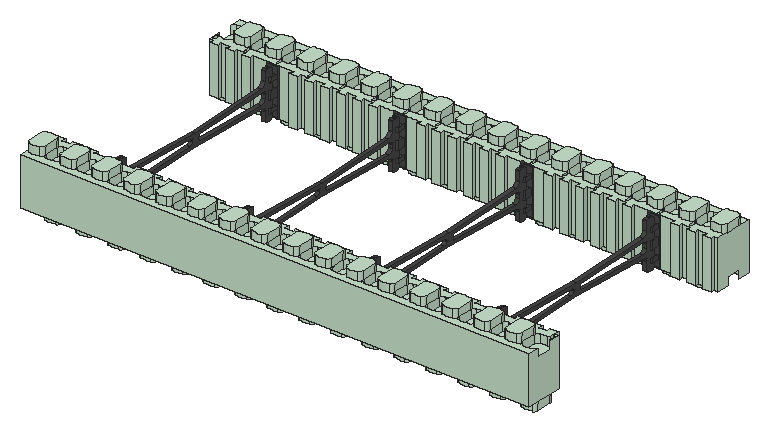
Revit family
Reference planes
  plane 1 "Center (Front/Back)": y = 0
  plane 2: z = 0
  plane 3 "Center (Left/Right)": x = 0
Forms (mm)
  Extrusion 1, solid, material "NUDURA Expanded Polystyrene Foam Insulation"
    sketch origin (0, -0.11, 0) x (1, 0, 0) y (0, 1, 0)
      loop
        line (0, 60.325) -> (0, 0) -> (812.8, 0) -> (812.8, 60.325) -> (805.658, 60.325) -> (807.242, 66.675) -> (792.958, 66.675) -> (794.542, 60.325) -> (780.258, 60.325) -> (781.842, 66.675) -> (767.558, 66.675) -> (769.142, 60.325) -> (754.858, 60.325) -> (756.442, 66.675) -> (742.158, 66.675) -> (743.742, 60.325) -> (678.658, 60.325) -> (680.242, 66.675) -> (665.958, 66.675) -> (667.542, 60.325) -> (653.258, 60.325) -> (654.842, 66.675) -> (640.558, 66.675) -> (642.142, 60.325) -> (627.858, 60.325) -> (629.442, 66.675) -> (615.158, 66.675) -> (616.742, 60.325) -> (602.458, 60.325) -> (604.042, 66.675) -> (589.758, 66.675) -> (591.342, 60.325) -> (577.058, 60.325) -> (578.642, 66.675) -> (564.358, 66.675) -> (565.942, 60.325) -> (551.658, 60.325) -> (553.242, 66.675) -> (538.958, 66.675) -> (540.542, 60.325) -> (475.458, 60.325) -> (477.042, 66.675) -> (462.758, 66.675) -> (464.342, 60.325) -> (450.058, 60.325) -> (451.642, 66.675) -> (437.358, 66.675) -> (438.942, 60.325) -> (424.658, 60.325) -> (426.242, 66.675) -> (411.958, 66.675) -> (413.542, 60.325) -> (399.258, 60.325) -> (400.842, 66.675) -> (386.558, 66.675) -> (388.142, 60.325) -> (373.858, 60.325) -> (375.442, 66.675) -> (361.158, 66.675) -> (362.742, 60.325) -> (348.458, 60.325) -> (350.042, 66.675) -> (335.758, 66.675) -> (337.342, 60.325) -> (272.258, 60.325) -> (273.842, 66.675) -> (259.558, 66.675) -> (261.142, 60.325) -> (246.858, 60.325) -> (248.442, 66.675) -> (234.158, 66.675) -> (235.742, 60.325) -> (221.458, 60.325) -> (223.042, 66.675) -> (208.758, 66.675) -> (210.342, 60.325) -> (196.058, 60.325) -> (197.642, 66.675) -> (183.358, 66.675) -> (184.942, 60.325) -> (170.658, 60.325) -> (172.242, 66.675) -> (157.958, 66.675) -> (159.542, 60.325) -> (145.258, 60.325) -> (146.842, 66.675) -> (132.558, 66.675) -> (134.142, 60.325) -> (69.058, 60.325) -> (70.642, 66.675) -> (56.358, 66.675) -> (57.942, 60.325) -> (43.658, 60.325) -> (45.242, 66.675) -> (30.958, 66.675) -> (32.542, 60.325) -> (18.258, 60.325) -> (19.842, 66.675) -> (5.558, 66.675) -> (7.142, 60.325) -> (0, 60.325)
      loop
        line (0, 377.825) -> (7.142, 377.825) -> (5.558, 371.475) -> (19.842, 371.475) -> (18.258, 377.825) -> (32.542, 377.825) -> (30.958, 371.475) -> (45.242, 371.475) -> (43.658, 377.825) -> (57.942, 377.825) -> (56.358, 371.475) -> (70.642, 371.475) -> (69.058, 377.825) -> (134.142, 377.825) -> (132.558, 371.475) -> (146.842, 371.475) -> (145.258, 377.825) -> (159.542, 377.825) -> (157.958, 371.475) -> (172.242, 371.475) -> (170.658, 377.825) -> (184.942, 377.825) -> (183.358, 371.475) -> (197.642, 371.475) -> (196.058, 377.825) -> (210.342, 377.825) -> (208.758, 371.475) -> (223.042, 371.475) -> (221.458, 377.825) -> (235.742, 377.825) -> (234.158, 371.475) -> (248.442, 371.475) -> (246.858, 377.825) -> (261.142, 377.825) -> (259.558, 371.475) -> (273.842, 371.475) -> (272.258, 377.825) -> (337.342, 377.825) -> (335.758, 371.475) -> (350.042, 371.475) -> (348.458, 377.825) -> (362.742, 377.825) -> (361.158, 371.475) -> (375.442, 371.475) -> (373.858, 377.825) -> (388.142, 377.825) -> (386.558, 371.475) -> (400.842, 371.475) -> (399.258, 377.825) -> (413.542, 377.825) -> (411.958, 371.475) -> (426.242, 371.475) -> (424.658, 377.825) -> (438.942, 377.825) -> (437.358, 371.475) -> (451.642, 371.475) -> (450.058, 377.825) -> (464.342, 377.825) -> (462.758, 371.475) -> (477.042, 371.475) -> (475.458, 377.825) -> (540.542, 377.825) -> (538.958, 371.475) -> (553.242, 371.475) -> (551.658, 377.825) -> (565.942, 377.825) -> (564.358, 371.475) -> (578.642, 371.475) -> (577.058, 377.825) -> (591.342, 377.825) -> (589.758, 371.475) -> (604.042, 371.475) -> (602.458, 377.825) -> (616.742, 377.825) -> (615.158, 371.475) -> (629.442, 371.475) -> (627.858, 377.825) -> (642.142, 377.825) -> (640.558, 371.475) -> (654.842, 371.475) -> (653.258, 377.825) -> (667.542, 377.825) -> (665.958, 371.475) -> (680.242, 371.475) -> (678.658, 377.825) -> (743.742, 377.825) -> (742.158, 371.475) -> (756.442, 371.475) -> (754.858, 377.825) -> (769.142, 377.825) -> (767.558, 371.475) -> (781.842, 371.475) -> (780.258, 377.825) -> (794.542, 377.825) -> (792.958, 371.475) -> (807.242, 371.475) -> (805.658, 377.825) -> (812.8, 377.825) -> (812.8, 438.15) -> (0, 438.15) -> (0, 377.825)
    from 0 to 76.2
  Extrusion 2, void
    sketch origin (0, -0.11, 0) x (1, 0, 0) y (0, 1, 0)
      loop
        line (44.346, 56.046) -> (44.346, 50.418)
        arc (44.346, 50.418) -> (43.786, 49.207) -> (42.5, 48.851) r 1.587
        arc (42.5, 48.851) -> (36.091, 49.138) -> (29.796, 47.903) r 26.987
        arc (29.796, 47.903) -> (26.615, 45.597) -> (25.4, 41.861) r 6.35
        line (25.4, 41.861) -> (25.4, 18.464)
        arc (25.4, 18.464) -> (26.615, 14.728) -> (29.796, 12.422) r 6.35
        arc (29.796, 12.422) -> (38.1, 11.112) -> (46.404, 12.422) r 26.987
        arc (46.404, 12.422) -> (49.585, 14.728) -> (50.8, 18.464) r 6.35
        line (50.8, 18.464) -> (50.8, 41.861)
        arc (50.8, 41.861) -> (50.362, 44.179) -> (49.108, 46.177) r 6.35
        arc (49.108, 46.177) -> (48.795, 46.676) -> (48.685, 47.255) r 1.588
        line (48.685, 47.255) -> (48.685, 56.046) -> (44.346, 56.046)
    from 76.2 to 63.5
  Extrusion 3, void
    sketch origin (50.8, -0.11, 0) x (1, 0, 0) y (0, 1, 0)
      loop
        line (44.346, 56.046) -> (44.346, 50.418)
        arc (44.346, 50.418) -> (43.786, 49.207) -> (42.5, 48.851) r 1.587
        arc (42.5, 48.851) -> (36.091, 49.138) -> (29.796, 47.903) r 26.987
        arc (29.796, 47.903) -> (26.615, 45.597) -> (25.4, 41.861) r 6.35
        line (25.4, 41.861) -> (25.4, 18.464)
        arc (25.4, 18.464) -> (26.615, 14.728) -> (29.796, 12.422) r 6.35
        arc (29.796, 12.422) -> (38.1, 11.112) -> (46.404, 12.422) r 26.987
        arc (46.404, 12.422) -> (49.585, 14.728) -> (50.8, 18.464) r 6.35
        line (50.8, 18.464) -> (50.8, 41.861)
        arc (50.8, 41.861) -> (50.362, 44.179) -> (49.108, 46.177) r 6.35
        arc (49.108, 46.177) -> (48.795, 46.676) -> (48.685, 47.255) r 1.588
        line (48.685, 47.255) -> (48.685, 56.046) -> (44.346, 56.046)
    from 76.2 to 63.5
  Extrusion 4, void
    sketch origin (101.6, -0.11, 0) x (1, 0, 0) y (0, 1, 0)
      loop
        line (44.346, 56.046) -> (44.346, 50.418)
        arc (44.346, 50.418) -> (43.786, 49.207) -> (42.5, 48.851) r 1.587
        arc (42.5, 48.851) -> (36.091, 49.138) -> (29.796, 47.903) r 26.987
        arc (29.796, 47.903) -> (26.615, 45.597) -> (25.4, 41.861) r 6.35
        line (25.4, 41.861) -> (25.4, 18.464)
        arc (25.4, 18.464) -> (26.615, 14.728) -> (29.796, 12.422) r 6.35
        arc (29.796, 12.422) -> (38.1, 11.112) -> (46.404, 12.422) r 26.987
        arc (46.404, 12.422) -> (49.585, 14.728) -> (50.8, 18.464) r 6.35
        line (50.8, 18.464) -> (50.8, 41.861)
        arc (50.8, 41.861) -> (50.362, 44.179) -> (49.108, 46.177) r 6.35
        arc (49.108, 46.177) -> (48.795, 46.676) -> (48.685, 47.255) r 1.588
        line (48.685, 47.255) -> (48.685, 56.046) -> (44.346, 56.046)
    from 76.2 to 63.5
  Extrusion 5, void
    sketch origin (152.4, -0.11, 0) x (1, 0, 0) y (0, 1, 0)
      loop
        line (44.346, 56.046) -> (44.346, 50.418)
        arc (44.346, 50.418) -> (43.786, 49.207) -> (42.5, 48.851) r 1.587
        arc (42.5, 48.851) -> (36.091, 49.138) -> (29.796, 47.903) r 26.987
        arc (29.796, 47.903) -> (26.615, 45.597) -> (25.4, 41.861) r 6.35
        line (25.4, 41.861) -> (25.4, 18.464)
        arc (25.4, 18.464) -> (26.615, 14.728) -> (29.796, 12.422) r 6.35
        arc (29.796, 12.422) -> (38.1, 11.112) -> (46.404, 12.422) r 26.987
        arc (46.404, 12.422) -> (49.585, 14.728) -> (50.8, 18.464) r 6.35
        line (50.8, 18.464) -> (50.8, 41.861)
        arc (50.8, 41.861) -> (50.362, 44.179) -> (49.108, 46.177) r 6.35
        arc (49.108, 46.177) -> (48.795, 46.676) -> (48.685, 47.255) r 1.588
        line (48.685, 47.255) -> (48.685, 56.046) -> (44.346, 56.046)
    from 76.2 to 63.5
  Extrusion 6, void
    sketch origin (203.2, -0.11, 0) x (1, 0, 0) y (0, 1, 0)
      loop
        line (44.346, 56.046) -> (44.346, 50.418)
        arc (44.346, 50.418) -> (43.786, 49.207) -> (42.5, 48.851) r 1.587
        arc (42.5, 48.851) -> (36.091, 49.138) -> (29.796, 47.903) r 26.987
        arc (29.796, 47.903) -> (26.615, 45.597) -> (25.4, 41.861) r 6.35
        line (25.4, 41.861) -> (25.4, 18.464)
        arc (25.4, 18.464) -> (26.615, 14.728) -> (29.796, 12.422) r 6.35
        arc (29.796, 12.422) -> (38.1, 11.112) -> (46.404, 12.422) r 26.987
        arc (46.404, 12.422) -> (49.585, 14.728) -> (50.8, 18.464) r 6.35
        line (50.8, 18.464) -> (50.8, 41.861)
        arc (50.8, 41.861) -> (50.362, 44.179) -> (49.108, 46.177) r 6.35
        arc (49.108, 46.177) -> (48.795, 46.676) -> (48.685, 47.255) r 1.588
        line (48.685, 47.255) -> (48.685, 56.046) -> (44.346, 56.046)
    from 76.2 to 63.5
  Extrusion 7, void
    sketch origin (254, -0.11, 0) x (1, 0, 0) y (0, 1, 0)
      loop
        line (44.346, 56.046) -> (44.346, 50.418)
        arc (44.346, 50.418) -> (43.786, 49.207) -> (42.5, 48.851) r 1.587
        arc (42.5, 48.851) -> (36.091, 49.138) -> (29.796, 47.903) r 26.987
        arc (29.796, 47.903) -> (26.615, 45.597) -> (25.4, 41.861) r 6.35
        line (25.4, 41.861) -> (25.4, 18.464)
        arc (25.4, 18.464) -> (26.615, 14.728) -> (29.796, 12.422) r 6.35
        arc (29.796, 12.422) -> (38.1, 11.112) -> (46.404, 12.422) r 26.987
        arc (46.404, 12.422) -> (49.585, 14.728) -> (50.8, 18.464) r 6.35
        line (50.8, 18.464) -> (50.8, 41.861)
        arc (50.8, 41.861) -> (50.362, 44.179) -> (49.108, 46.177) r 6.35
        arc (49.108, 46.177) -> (48.795, 46.676) -> (48.685, 47.255) r 1.588
        line (48.685, 47.255) -> (48.685, 56.046) -> (44.346, 56.046)
    from 76.2 to 63.5
  Extrusion 8, void
    sketch origin (304.8, -0.11, 0) x (1, 0, 0) y (0, 1, 0)
      loop
        line (44.346, 56.046) -> (44.346, 50.418)
        arc (44.346, 50.418) -> (43.786, 49.207) -> (42.5, 48.851) r 1.587
        arc (42.5, 48.851) -> (36.091, 49.138) -> (29.796, 47.903) r 26.987
        arc (29.796, 47.903) -> (26.615, 45.597) -> (25.4, 41.861) r 6.35
        line (25.4, 41.861) -> (25.4, 18.464)
        arc (25.4, 18.464) -> (26.615, 14.728) -> (29.796, 12.422) r 6.35
        arc (29.796, 12.422) -> (38.1, 11.112) -> (46.404, 12.422) r 26.987
        arc (46.404, 12.422) -> (49.585, 14.728) -> (50.8, 18.464) r 6.35
        line (50.8, 18.464) -> (50.8, 41.861)
        arc (50.8, 41.861) -> (50.362, 44.179) -> (49.108, 46.177) r 6.35
        arc (49.108, 46.177) -> (48.795, 46.676) -> (48.685, 47.255) r 1.588
        line (48.685, 47.255) -> (48.685, 56.046) -> (44.346, 56.046)
    from 76.2 to 63.5
  Extrusion 9, void
    sketch origin (355.6, -0.11, 0) x (1, 0, 0) y (0, 1, 0)
      loop
        line (44.346, 56.046) -> (44.346, 50.418)
        arc (44.346, 50.418) -> (43.786, 49.207) -> (42.5, 48.851) r 1.587
        arc (42.5, 48.851) -> (36.091, 49.138) -> (29.796, 47.903) r 26.987
        arc (29.796, 47.903) -> (26.615, 45.597) -> (25.4, 41.861) r 6.35
        line (25.4, 41.861) -> (25.4, 18.464)
        arc (25.4, 18.464) -> (26.615, 14.728) -> (29.796, 12.422) r 6.35
        arc (29.796, 12.422) -> (38.1, 11.112) -> (46.404, 12.422) r 26.987
        arc (46.404, 12.422) -> (49.585, 14.728) -> (50.8, 18.464) r 6.35
        line (50.8, 18.464) -> (50.8, 41.861)
        arc (50.8, 41.861) -> (50.362, 44.179) -> (49.108, 46.177) r 6.35
        arc (49.108, 46.177) -> (48.795, 46.676) -> (48.685, 47.255) r 1.588
        line (48.685, 47.255) -> (48.685, 56.046) -> (44.346, 56.046)
    from 76.2 to 63.5
  Extrusion 10, void
    sketch origin (406.4, -0.11, 0) x (1, 0, 0) y (0, 1, 0)
      loop
        line (44.346, 56.046) -> (44.346, 50.418)
        arc (44.346, 50.418) -> (43.786, 49.207) -> (42.5, 48.851) r 1.587
        arc (42.5, 48.851) -> (36.091, 49.138) -> (29.796, 47.903) r 26.987
        arc (29.796, 47.903) -> (26.615, 45.597) -> (25.4, 41.861) r 6.35
        line (25.4, 41.861) -> (25.4, 18.464)
        arc (25.4, 18.464) -> (26.615, 14.728) -> (29.796, 12.422) r 6.35
        arc (29.796, 12.422) -> (38.1, 11.112) -> (46.404, 12.422) r 26.987
        arc (46.404, 12.422) -> (49.585, 14.728) -> (50.8, 18.464) r 6.35
        line (50.8, 18.464) -> (50.8, 41.861)
        arc (50.8, 41.861) -> (50.362, 44.179) -> (49.108, 46.177) r 6.35
        arc (49.108, 46.177) -> (48.795, 46.676) -> (48.685, 47.255) r 1.588
        line (48.685, 47.255) -> (48.685, 56.046) -> (44.346, 56.046)
    from 76.2 to 63.5
  Extrusion 11, void
    sketch origin (457.2, -0.11, 0) x (1, 0, 0) y (0, 1, 0)
      loop
        line (44.346, 56.046) -> (44.346, 50.418)
        arc (44.346, 50.418) -> (43.786, 49.207) -> (42.5, 48.851) r 1.587
        arc (42.5, 48.851) -> (36.091, 49.138) -> (29.796, 47.903) r 26.987
        arc (29.796, 47.903) -> (26.615, 45.597) -> (25.4, 41.861) r 6.35
        line (25.4, 41.861) -> (25.4, 18.464)
        arc (25.4, 18.464) -> (26.615, 14.728) -> (29.796, 12.422) r 6.35
        arc (29.796, 12.422) -> (38.1, 11.112) -> (46.404, 12.422) r 26.987
        arc (46.404, 12.422) -> (49.585, 14.728) -> (50.8, 18.464) r 6.35
        line (50.8, 18.464) -> (50.8, 41.861)
        arc (50.8, 41.861) -> (50.362, 44.179) -> (49.108, 46.177) r 6.35
        arc (49.108, 46.177) -> (48.795, 46.676) -> (48.685, 47.255) r 1.588
        line (48.685, 47.255) -> (48.685, 56.046) -> (44.346, 56.046)
    from 76.2 to 63.5
  Extrusion 12, void
    sketch origin (508, -0.11, 0) x (1, 0, 0) y (0, 1, 0)
      loop
        line (44.346, 56.046) -> (44.346, 50.418)
        arc (44.346, 50.418) -> (43.786, 49.207) -> (42.5, 48.851) r 1.587
        arc (42.5, 48.851) -> (36.091, 49.138) -> (29.796, 47.903) r 26.987
        arc (29.796, 47.903) -> (26.615, 45.597) -> (25.4, 41.861) r 6.35
        line (25.4, 41.861) -> (25.4, 18.464)
        arc (25.4, 18.464) -> (26.615, 14.728) -> (29.796, 12.422) r 6.35
        arc (29.796, 12.422) -> (38.1, 11.112) -> (46.404, 12.422) r 26.987
        arc (46.404, 12.422) -> (49.585, 14.728) -> (50.8, 18.464) r 6.35
        line (50.8, 18.464) -> (50.8, 41.861)
        arc (50.8, 41.861) -> (50.362, 44.179) -> (49.108, 46.177) r 6.35
        arc (49.108, 46.177) -> (48.795, 46.676) -> (48.685, 47.255) r 1.588
        line (48.685, 47.255) -> (48.685, 56.046) -> (44.346, 56.046)
    from 76.2 to 63.5
  Extrusion 13, void
    sketch origin (558.8, -0.11, 0) x (1, 0, 0) y (0, 1, 0)
      loop
        line (44.346, 56.046) -> (44.346, 50.418)
        arc (44.346, 50.418) -> (43.786, 49.207) -> (42.5, 48.851) r 1.587
        arc (42.5, 48.851) -> (36.091, 49.138) -> (29.796, 47.903) r 26.987
        arc (29.796, 47.903) -> (26.615, 45.597) -> (25.4, 41.861) r 6.35
        line (25.4, 41.861) -> (25.4, 18.464)
        arc (25.4, 18.464) -> (26.615, 14.728) -> (29.796, 12.422) r 6.35
        arc (29.796, 12.422) -> (38.1, 11.112) -> (46.404, 12.422) r 26.987
        arc (46.404, 12.422) -> (49.585, 14.728) -> (50.8, 18.464) r 6.35
        line (50.8, 18.464) -> (50.8, 41.861)
        arc (50.8, 41.861) -> (50.362, 44.179) -> (49.108, 46.177) r 6.35
        arc (49.108, 46.177) -> (48.795, 46.676) -> (48.685, 47.255) r 1.588
        line (48.685, 47.255) -> (48.685, 56.046) -> (44.346, 56.046)
    from 76.2 to 63.5
  Extrusion 14, void
    sketch origin (609.6, -0.11, 0) x (1, 0, 0) y (0, 1, 0)
      loop
        line (44.346, 56.046) -> (44.346, 50.418)
        arc (44.346, 50.418) -> (43.786, 49.207) -> (42.5, 48.851) r 1.587
        arc (42.5, 48.851) -> (36.091, 49.138) -> (29.796, 47.903) r 26.987
        arc (29.796, 47.903) -> (26.615, 45.597) -> (25.4, 41.861) r 6.35
        line (25.4, 41.861) -> (25.4, 18.464)
        arc (25.4, 18.464) -> (26.615, 14.728) -> (29.796, 12.422) r 6.35
        arc (29.796, 12.422) -> (38.1, 11.112) -> (46.404, 12.422) r 26.987
        arc (46.404, 12.422) -> (49.585, 14.728) -> (50.8, 18.464) r 6.35
        line (50.8, 18.464) -> (50.8, 41.861)
        arc (50.8, 41.861) -> (50.362, 44.179) -> (49.108, 46.177) r 6.35
        arc (49.108, 46.177) -> (48.795, 46.676) -> (48.685, 47.255) r 1.588
        line (48.685, 47.255) -> (48.685, 56.046) -> (44.346, 56.046)
    from 76.2 to 63.5
  Extrusion 15, void
    sketch origin (660.4, -0.11, 0) x (1, 0, 0) y (0, 1, 0)
      loop
        line (44.346, 56.046) -> (44.346, 50.418)
        arc (44.346, 50.418) -> (43.786, 49.207) -> (42.5, 48.851) r 1.587
        arc (42.5, 48.851) -> (36.091, 49.138) -> (29.796, 47.903) r 26.987
        arc (29.796, 47.903) -> (26.615, 45.597) -> (25.4, 41.861) r 6.35
        line (25.4, 41.861) -> (25.4, 18.464)
        arc (25.4, 18.464) -> (26.615, 14.728) -> (29.796, 12.422) r 6.35
        arc (29.796, 12.422) -> (38.1, 11.112) -> (46.404, 12.422) r 26.987
        arc (46.404, 12.422) -> (49.585, 14.728) -> (50.8, 18.464) r 6.35
        line (50.8, 18.464) -> (50.8, 41.861)
        arc (50.8, 41.861) -> (50.362, 44.179) -> (49.108, 46.177) r 6.35
        arc (49.108, 46.177) -> (48.795, 46.676) -> (48.685, 47.255) r 1.588
        line (48.685, 47.255) -> (48.685, 56.046) -> (44.346, 56.046)
    from 76.2 to 63.5
  Extrusion 16, void
    sketch origin (711.2, -0.11, 0) x (1, 0, 0) y (0, 1, 0)
      loop
        line (44.346, 56.046) -> (44.346, 50.418)
        arc (44.346, 50.418) -> (43.786, 49.207) -> (42.5, 48.851) r 1.587
        arc (42.5, 48.851) -> (36.091, 49.138) -> (29.796, 47.903) r 26.987
        arc (29.796, 47.903) -> (26.615, 45.597) -> (25.4, 41.861) r 6.35
        line (25.4, 41.861) -> (25.4, 18.464)
        arc (25.4, 18.464) -> (26.615, 14.728) -> (29.796, 12.422) r 6.35
        arc (29.796, 12.422) -> (38.1, 11.112) -> (46.404, 12.422) r 26.987
        arc (46.404, 12.422) -> (49.585, 14.728) -> (50.8, 18.464) r 6.35
        line (50.8, 18.464) -> (50.8, 41.861)
        arc (50.8, 41.861) -> (50.362, 44.179) -> (49.108, 46.177) r 6.35
        arc (49.108, 46.177) -> (48.795, 46.676) -> (48.685, 47.255) r 1.588
        line (48.685, 47.255) -> (48.685, 56.046) -> (44.346, 56.046)
    from 76.2 to 63.5
  Extrusion 17, void
    sketch origin (762, -0.11, 0) x (1, 0, 0) y (0, 1, 0)
      loop
        line (44.346, 56.046) -> (44.346, 50.418)
        arc (44.346, 50.418) -> (43.786, 49.207) -> (42.5, 48.851) r 1.587
        arc (42.5, 48.851) -> (36.091, 49.138) -> (29.796, 47.903) r 26.987
        arc (29.796, 47.903) -> (26.615, 45.597) -> (25.4, 41.861) r 6.35
        line (25.4, 41.861) -> (25.4, 18.464)
        arc (25.4, 18.464) -> (26.615, 14.728) -> (29.796, 12.422) r 6.35
        arc (29.796, 12.422) -> (38.1, 11.112) -> (46.404, 12.422) r 26.987
        arc (46.404, 12.422) -> (49.585, 14.728) -> (50.8, 18.464) r 6.35
        line (50.8, 18.464) -> (50.8, 41.861)
        arc (50.8, 41.861) -> (50.362, 44.179) -> (49.108, 46.177) r 6.35
        arc (49.108, 46.177) -> (48.795, 46.676) -> (48.685, 47.255) r 1.588
        line (48.685, 47.255) -> (48.685, 56.046) -> (44.346, 56.046)
    from 76.2 to 63.5
  Extrusion 18, void
    sketch origin (0, -0.11, 0) x (1, 0, 0) y (0, 1, 0)
      loop
        line (6.454, 56.046) -> (2.115, 56.046) -> (2.115, 47.255)
        arc (2.115, 47.255) -> (2.005, 46.676) -> (1.692, 46.177) r 1.588
        arc (1.692, 46.177) -> (0.438, 44.179) -> (0, 41.861) r 6.35
        line (0, 41.861) -> (0, 18.464)
        arc (0, 18.464) -> (1.215, 14.728) -> (4.396, 12.422) r 6.35
        arc (4.396, 12.422) -> (12.7, 11.112) -> (21.004, 12.422) r 26.987
        arc (21.004, 12.422) -> (24.185, 14.728) -> (25.4, 18.464) r 6.35
        line (25.4, 18.464) -> (25.4, 41.861)
        arc (25.4, 41.861) -> (24.185, 45.597) -> (21.004, 47.903) r 6.35
        arc (21.004, 47.903) -> (14.709, 49.138) -> (8.3, 48.851) r 26.987
        arc (8.3, 48.851) -> (7.014, 49.207) -> (6.454, 50.418) r 1.587
        line (6.454, 50.418) -> (6.454, 56.046)
    from 0 to 12.7
  Extrusion 19, void
    sketch origin (50.8, -0.11, 0) x (1, 0, 0) y (0, 1, 0)
      loop
        line (6.454, 56.046) -> (2.115, 56.046) -> (2.115, 47.255)
        arc (2.115, 47.255) -> (2.005, 46.676) -> (1.692, 46.177) r 1.588
        arc (1.692, 46.177) -> (0.438, 44.179) -> (0, 41.861) r 6.35
        line (0, 41.861) -> (0, 18.464)
        arc (0, 18.464) -> (1.215, 14.728) -> (4.396, 12.422) r 6.35
        arc (4.396, 12.422) -> (12.7, 11.112) -> (21.004, 12.422) r 26.987
        arc (21.004, 12.422) -> (24.185, 14.728) -> (25.4, 18.464) r 6.35
        line (25.4, 18.464) -> (25.4, 41.861)
        arc (25.4, 41.861) -> (24.185, 45.597) -> (21.004, 47.903) r 6.35
        arc (21.004, 47.903) -> (14.709, 49.138) -> (8.3, 48.851) r 26.987
        arc (8.3, 48.851) -> (7.014, 49.207) -> (6.454, 50.418) r 1.587
        line (6.454, 50.418) -> (6.454, 56.046)
    from 0 to 12.7
  Extrusion 20, void
    sketch origin (101.6, -0.11, 0) x (1, 0, 0) y (0, 1, 0)
      loop
        line (6.454, 56.046) -> (2.115, 56.046) -> (2.115, 47.255)
        arc (2.115, 47.255) -> (2.005, 46.676) -> (1.692, 46.177) r 1.588
        arc (1.692, 46.177) -> (0.438, 44.179) -> (0, 41.861) r 6.35
        line (0, 41.861) -> (0, 18.464)
        arc (0, 18.464) -> (1.215, 14.728) -> (4.396, 12.422) r 6.35
        arc (4.396, 12.422) -> (12.7, 11.112) -> (21.004, 12.422) r 26.987
        arc (21.004, 12.422) -> (24.185, 14.728) -> (25.4, 18.464) r 6.35
        line (25.4, 18.464) -> (25.4, 41.861)
        arc (25.4, 41.861) -> (24.185, 45.597) -> (21.004, 47.903) r 6.35
        arc (21.004, 47.903) -> (14.709, 49.138) -> (8.3, 48.851) r 26.987
        arc (8.3, 48.851) -> (7.014, 49.207) -> (6.454, 50.418) r 1.587
        line (6.454, 50.418) -> (6.454, 56.046)
    from 0 to 12.7
  Extrusion 21, void
    sketch origin (152.4, -0.11, 0) x (1, 0, 0) y (0, 1, 0)
      loop
        line (6.454, 56.046) -> (2.115, 56.046) -> (2.115, 47.255)
        arc (2.115, 47.255) -> (2.005, 46.676) -> (1.692, 46.177) r 1.588
        arc (1.692, 46.177) -> (0.438, 44.179) -> (0, 41.861) r 6.35
        line (0, 41.861) -> (0, 18.464)
        arc (0, 18.464) -> (1.215, 14.728) -> (4.396, 12.422) r 6.35
        arc (4.396, 12.422) -> (12.7, 11.112) -> (21.004, 12.422) r 26.987
        arc (21.004, 12.422) -> (24.185, 14.728) -> (25.4, 18.464) r 6.35
        line (25.4, 18.464) -> (25.4, 41.861)
        arc (25.4, 41.861) -> (24.185, 45.597) -> (21.004, 47.903) r 6.35
        arc (21.004, 47.903) -> (14.709, 49.138) -> (8.3, 48.851) r 26.987
        arc (8.3, 48.851) -> (7.014, 49.207) -> (6.454, 50.418) r 1.587
        line (6.454, 50.418) -> (6.454, 56.046)
    from 0 to 12.7
  Extrusion 22, void
    sketch origin (203.2, -0.11, 0) x (1, 0, 0) y (0, 1, 0)
      loop
        line (6.454, 56.046) -> (2.115, 56.046) -> (2.115, 47.255)
        arc (2.115, 47.255) -> (2.005, 46.676) -> (1.692, 46.177) r 1.588
        arc (1.692, 46.177) -> (0.438, 44.179) -> (0, 41.861) r 6.35
        line (0, 41.861) -> (0, 18.464)
        arc (0, 18.464) -> (1.215, 14.728) -> (4.396, 12.422) r 6.35
        arc (4.396, 12.422) -> (12.7, 11.112) -> (21.004, 12.422) r 26.987
        arc (21.004, 12.422) -> (24.185, 14.728) -> (25.4, 18.464) r 6.35
        line (25.4, 18.464) -> (25.4, 41.861)
        arc (25.4, 41.861) -> (24.185, 45.597) -> (21.004, 47.903) r 6.35
        arc (21.004, 47.903) -> (14.709, 49.138) -> (8.3, 48.851) r 26.987
        arc (8.3, 48.851) -> (7.014, 49.207) -> (6.454, 50.418) r 1.587
        line (6.454, 50.418) -> (6.454, 56.046)
    from 0 to 12.7
  Extrusion 23, void
    sketch origin (254, -0.11, 0) x (1, 0, 0) y (0, 1, 0)
      loop
        line (6.454, 56.046) -> (2.115, 56.046) -> (2.115, 47.255)
        arc (2.115, 47.255) -> (2.005, 46.676) -> (1.692, 46.177) r 1.588
        arc (1.692, 46.177) -> (0.438, 44.179) -> (0, 41.861) r 6.35
        line (0, 41.861) -> (0, 18.464)
        arc (0, 18.464) -> (1.215, 14.728) -> (4.396, 12.422) r 6.35
        arc (4.396, 12.422) -> (12.7, 11.112) -> (21.004, 12.422) r 26.987
        arc (21.004, 12.422) -> (24.185, 14.728) -> (25.4, 18.464) r 6.35
        line (25.4, 18.464) -> (25.4, 41.861)
        arc (25.4, 41.861) -> (24.185, 45.597) -> (21.004, 47.903) r 6.35
        arc (21.004, 47.903) -> (14.709, 49.138) -> (8.3, 48.851) r 26.987
        arc (8.3, 48.851) -> (7.014, 49.207) -> (6.454, 50.418) r 1.587
        line (6.454, 50.418) -> (6.454, 56.046)
    from 0 to 12.7
  Extrusion 24, void
    sketch origin (304.8, -0.11, 0) x (1, 0, 0) y (0, 1, 0)
      loop
        line (6.454, 56.046) -> (2.115, 56.046) -> (2.115, 47.255)
        arc (2.115, 47.255) -> (2.005, 46.676) -> (1.692, 46.177) r 1.588
        arc (1.692, 46.177) -> (0.438, 44.179) -> (0, 41.861) r 6.35
        line (0, 41.861) -> (0, 18.464)
        arc (0, 18.464) -> (1.215, 14.728) -> (4.396, 12.422) r 6.35
        arc (4.396, 12.422) -> (12.7, 11.112) -> (21.004, 12.422) r 26.987
        arc (21.004, 12.422) -> (24.185, 14.728) -> (25.4, 18.464) r 6.35
        line (25.4, 18.464) -> (25.4, 41.861)
        arc (25.4, 41.861) -> (24.185, 45.597) -> (21.004, 47.903) r 6.35
        arc (21.004, 47.903) -> (14.709, 49.138) -> (8.3, 48.851) r 26.987
        arc (8.3, 48.851) -> (7.014, 49.207) -> (6.454, 50.418) r 1.587
        line (6.454, 50.418) -> (6.454, 56.046)
    from 0 to 12.7
  Extrusion 25, void
    sketch origin (355.6, -0.11, 0) x (1, 0, 0) y (0, 1, 0)
      loop
        line (6.454, 56.046) -> (2.115, 56.046) -> (2.115, 47.255)
        arc (2.115, 47.255) -> (2.005, 46.676) -> (1.692, 46.177) r 1.588
        arc (1.692, 46.177) -> (0.438, 44.179) -> (0, 41.861) r 6.35
        line (0, 41.861) -> (0, 18.464)
        arc (0, 18.464) -> (1.215, 14.728) -> (4.396, 12.422) r 6.35
        arc (4.396, 12.422) -> (12.7, 11.112) -> (21.004, 12.422) r 26.987
        arc (21.004, 12.422) -> (24.185, 14.728) -> (25.4, 18.464) r 6.35
        line (25.4, 18.464) -> (25.4, 41.861)
        arc (25.4, 41.861) -> (24.185, 45.597) -> (21.004, 47.903) r 6.35
        arc (21.004, 47.903) -> (14.709, 49.138) -> (8.3, 48.851) r 26.987
        arc (8.3, 48.851) -> (7.014, 49.207) -> (6.454, 50.418) r 1.587
        line (6.454, 50.418) -> (6.454, 56.046)
    from 0 to 12.7
  Extrusion 26, void
    sketch origin (406.4, -0.11, 0) x (1, 0, 0) y (0, 1, 0)
      loop
        line (6.454, 56.046) -> (2.115, 56.046) -> (2.115, 47.255)
        arc (2.115, 47.255) -> (2.005, 46.676) -> (1.692, 46.177) r 1.588
        arc (1.692, 46.177) -> (0.438, 44.179) -> (0, 41.861) r 6.35
        line (0, 41.861) -> (0, 18.464)
        arc (0, 18.464) -> (1.215, 14.728) -> (4.396, 12.422) r 6.35
        arc (4.396, 12.422) -> (12.7, 11.112) -> (21.004, 12.422) r 26.987
        arc (21.004, 12.422) -> (24.185, 14.728) -> (25.4, 18.464) r 6.35
        line (25.4, 18.464) -> (25.4, 41.861)
        arc (25.4, 41.861) -> (24.185, 45.597) -> (21.004, 47.903) r 6.35
        arc (21.004, 47.903) -> (14.709, 49.138) -> (8.3, 48.851) r 26.987
        arc (8.3, 48.851) -> (7.014, 49.207) -> (6.454, 50.418) r 1.587
        line (6.454, 50.418) -> (6.454, 56.046)
    from 0 to 12.7
  Extrusion 27, void
    sketch origin (457.2, -0.11, 0) x (1, 0, 0) y (0, 1, 0)
      loop
        line (6.454, 56.046) -> (2.115, 56.046) -> (2.115, 47.255)
        arc (2.115, 47.255) -> (2.005, 46.676) -> (1.692, 46.177) r 1.588
        arc (1.692, 46.177) -> (0.438, 44.179) -> (0, 41.861) r 6.35
        line (0, 41.861) -> (0, 18.464)
        arc (0, 18.464) -> (1.215, 14.728) -> (4.396, 12.422) r 6.35
        arc (4.396, 12.422) -> (12.7, 11.112) -> (21.004, 12.422) r 26.987
        arc (21.004, 12.422) -> (24.185, 14.728) -> (25.4, 18.464) r 6.35
        line (25.4, 18.464) -> (25.4, 41.861)
        arc (25.4, 41.861) -> (24.185, 45.597) -> (21.004, 47.903) r 6.35
        arc (21.004, 47.903) -> (14.709, 49.138) -> (8.3, 48.851) r 26.987
        arc (8.3, 48.851) -> (7.014, 49.207) -> (6.454, 50.418) r 1.587
        line (6.454, 50.418) -> (6.454, 56.046)
    from 0 to 12.7
  Extrusion 28, void
    sketch origin (508, -0.11, 0) x (1, 0, 0) y (0, 1, 0)
      loop
        line (6.454, 56.046) -> (2.115, 56.046) -> (2.115, 47.255)
        arc (2.115, 47.255) -> (2.005, 46.676) -> (1.692, 46.177) r 1.588
        arc (1.692, 46.177) -> (0.438, 44.179) -> (0, 41.861) r 6.35
        line (0, 41.861) -> (0, 18.464)
        arc (0, 18.464) -> (1.215, 14.728) -> (4.396, 12.422) r 6.35
        arc (4.396, 12.422) -> (12.7, 11.112) -> (21.004, 12.422) r 26.987
        arc (21.004, 12.422) -> (24.185, 14.728) -> (25.4, 18.464) r 6.35
        line (25.4, 18.464) -> (25.4, 41.861)
        arc (25.4, 41.861) -> (24.185, 45.597) -> (21.004, 47.903) r 6.35
        arc (21.004, 47.903) -> (14.709, 49.138) -> (8.3, 48.851) r 26.987
        arc (8.3, 48.851) -> (7.014, 49.207) -> (6.454, 50.418) r 1.587
        line (6.454, 50.418) -> (6.454, 56.046)
    from 0 to 12.7
  Extrusion 29, void
    sketch origin (558.8, -0.11, 0) x (1, 0, 0) y (0, 1, 0)
      loop
        line (6.454, 56.046) -> (2.115, 56.046) -> (2.115, 47.255)
        arc (2.115, 47.255) -> (2.005, 46.676) -> (1.692, 46.177) r 1.588
        arc (1.692, 46.177) -> (0.438, 44.179) -> (0, 41.861) r 6.35
        line (0, 41.861) -> (0, 18.464)
        arc (0, 18.464) -> (1.215, 14.728) -> (4.396, 12.422) r 6.35
        arc (4.396, 12.422) -> (12.7, 11.112) -> (21.004, 12.422) r 26.987
        arc (21.004, 12.422) -> (24.185, 14.728) -> (25.4, 18.464) r 6.35
        line (25.4, 18.464) -> (25.4, 41.861)
        arc (25.4, 41.861) -> (24.185, 45.597) -> (21.004, 47.903) r 6.35
        arc (21.004, 47.903) -> (14.709, 49.138) -> (8.3, 48.851) r 26.987
        arc (8.3, 48.851) -> (7.014, 49.207) -> (6.454, 50.418) r 1.587
        line (6.454, 50.418) -> (6.454, 56.046)
    from 0 to 12.7
  Extrusion 30, void
    sketch origin (609.6, -0.11, 0) x (1, 0, 0) y (0, 1, 0)
      loop
        line (6.454, 56.046) -> (2.115, 56.046) -> (2.115, 47.255)
        arc (2.115, 47.255) -> (2.005, 46.676) -> (1.692, 46.177) r 1.588
        arc (1.692, 46.177) -> (0.438, 44.179) -> (0, 41.861) r 6.35
        line (0, 41.861) -> (0, 18.464)
        arc (0, 18.464) -> (1.215, 14.728) -> (4.396, 12.422) r 6.35
        arc (4.396, 12.422) -> (12.7, 11.112) -> (21.004, 12.422) r 26.987
        arc (21.004, 12.422) -> (24.185, 14.728) -> (25.4, 18.464) r 6.35
        line (25.4, 18.464) -> (25.4, 41.861)
        arc (25.4, 41.861) -> (24.185, 45.597) -> (21.004, 47.903) r 6.35
        arc (21.004, 47.903) -> (14.709, 49.138) -> (8.3, 48.851) r 26.987
        arc (8.3, 48.851) -> (7.014, 49.207) -> (6.454, 50.418) r 1.587
        line (6.454, 50.418) -> (6.454, 56.046)
    from 0 to 12.7
  Extrusion 31, void
    sketch origin (660.4, -0.11, 0) x (1, 0, 0) y (0, 1, 0)
      loop
        line (6.454, 56.046) -> (2.115, 56.046) -> (2.115, 47.255)
        arc (2.115, 47.255) -> (2.005, 46.676) -> (1.692, 46.177) r 1.588
        arc (1.692, 46.177) -> (0.438, 44.179) -> (0, 41.861) r 6.35
        line (0, 41.861) -> (0, 18.464)
        arc (0, 18.464) -> (1.215, 14.728) -> (4.396, 12.422) r 6.35
        arc (4.396, 12.422) -> (12.7, 11.112) -> (21.004, 12.422) r 26.987
        arc (21.004, 12.422) -> (24.185, 14.728) -> (25.4, 18.464) r 6.35
        line (25.4, 18.464) -> (25.4, 41.861)
        arc (25.4, 41.861) -> (24.185, 45.597) -> (21.004, 47.903) r 6.35
        arc (21.004, 47.903) -> (14.709, 49.138) -> (8.3, 48.851) r 26.987
        arc (8.3, 48.851) -> (7.014, 49.207) -> (6.454, 50.418) r 1.587
        line (6.454, 50.418) -> (6.454, 56.046)
    from 0 to 12.7
  Extrusion 32, void
    sketch origin (711.2, -0.11, 0) x (1, 0, 0) y (0, 1, 0)
      loop
        line (6.454, 56.046) -> (2.115, 56.046) -> (2.115, 47.255)
        arc (2.115, 47.255) -> (2.005, 46.676) -> (1.692, 46.177) r 1.588
        arc (1.692, 46.177) -> (0.438, 44.179) -> (0, 41.861) r 6.35
        line (0, 41.861) -> (0, 18.464)
        arc (0, 18.464) -> (1.215, 14.728) -> (4.396, 12.422) r 6.35
        arc (4.396, 12.422) -> (12.7, 11.112) -> (21.004, 12.422) r 26.987
        arc (21.004, 12.422) -> (24.185, 14.728) -> (25.4, 18.464) r 6.35
        line (25.4, 18.464) -> (25.4, 41.861)
        arc (25.4, 41.861) -> (24.185, 45.597) -> (21.004, 47.903) r 6.35
        arc (21.004, 47.903) -> (14.709, 49.138) -> (8.3, 48.851) r 26.987
        arc (8.3, 48.851) -> (7.014, 49.207) -> (6.454, 50.418) r 1.587
        line (6.454, 50.418) -> (6.454, 56.046)
    from 0 to 12.7
  Extrusion 33, void
    sketch origin (762, -0.11, 0) x (1, 0, 0) y (0, 1, 0)
      loop
        line (6.454, 56.046) -> (2.115, 56.046) -> (2.115, 47.255)
        arc (2.115, 47.255) -> (2.005, 46.676) -> (1.692, 46.177) r 1.588
        arc (1.692, 46.177) -> (0.438, 44.179) -> (0, 41.861) r 6.35
        line (0, 41.861) -> (0, 18.464)
        arc (0, 18.464) -> (1.215, 14.728) -> (4.396, 12.422) r 6.35
        arc (4.396, 12.422) -> (12.7, 11.112) -> (21.004, 12.422) r 26.987
        arc (21.004, 12.422) -> (24.185, 14.728) -> (25.4, 18.464) r 6.35
        line (25.4, 18.464) -> (25.4, 41.861)
        arc (25.4, 41.861) -> (24.185, 45.597) -> (21.004, 47.903) r 6.35
        arc (21.004, 47.903) -> (14.709, 49.138) -> (8.3, 48.851) r 26.987
        arc (8.3, 48.851) -> (7.014, 49.207) -> (6.454, 50.418) r 1.587
        line (6.454, 50.418) -> (6.454, 56.046)
    from 0 to 12.7
  Extrusion 34, void
    sketch origin (812.8, 438.04, 0) x (-1, 0, 0) y (0, -1, 0)
      loop
        line (44.346, 56.046) -> (44.346, 50.418)
        arc (44.346, 50.418) -> (43.786, 49.207) -> (42.5, 48.851) r 1.587
        arc (42.5, 48.851) -> (36.091, 49.138) -> (29.796, 47.903) r 26.987
        arc (29.796, 47.903) -> (26.615, 45.597) -> (25.4, 41.861) r 6.35
        line (25.4, 41.861) -> (25.4, 18.464)
        arc (25.4, 18.464) -> (26.615, 14.728) -> (29.796, 12.422) r 6.35
        arc (29.796, 12.422) -> (38.1, 11.112) -> (46.404, 12.422) r 26.987
        arc (46.404, 12.422) -> (49.585, 14.728) -> (50.8, 18.464) r 6.35
        line (50.8, 18.464) -> (50.8, 41.861)
        arc (50.8, 41.861) -> (50.362, 44.179) -> (49.108, 46.177) r 6.35
        arc (49.108, 46.177) -> (48.795, 46.676) -> (48.685, 47.255) r 1.588
        line (48.685, 47.255) -> (48.685, 56.046) -> (44.346, 56.046)
    from 76.2 to 63.5
  Extrusion 35, void
    sketch origin (762, 438.04, 0) x (-1, 0, 0) y (0, -1, 0)
      loop
        line (44.346, 56.046) -> (44.346, 50.418)
        arc (44.346, 50.418) -> (43.786, 49.207) -> (42.5, 48.851) r 1.587
        arc (42.5, 48.851) -> (36.091, 49.138) -> (29.796, 47.903) r 26.987
        arc (29.796, 47.903) -> (26.615, 45.597) -> (25.4, 41.861) r 6.35
        line (25.4, 41.861) -> (25.4, 18.464)
        arc (25.4, 18.464) -> (26.615, 14.728) -> (29.796, 12.422) r 6.35
        arc (29.796, 12.422) -> (38.1, 11.112) -> (46.404, 12.422) r 26.987
        arc (46.404, 12.422) -> (49.585, 14.728) -> (50.8, 18.464) r 6.35
        line (50.8, 18.464) -> (50.8, 41.861)
        arc (50.8, 41.861) -> (50.362, 44.179) -> (49.108, 46.177) r 6.35
        arc (49.108, 46.177) -> (48.795, 46.676) -> (48.685, 47.255) r 1.588
        line (48.685, 47.255) -> (48.685, 56.046) -> (44.346, 56.046)
    from 76.2 to 63.5
  Extrusion 36, void
    sketch origin (711.2, 438.04, 0) x (-1, 0, 0) y (0, -1, 0)
      loop
        line (44.346, 56.046) -> (44.346, 50.418)
        arc (44.346, 50.418) -> (43.786, 49.207) -> (42.5, 48.851) r 1.587
        arc (42.5, 48.851) -> (36.091, 49.138) -> (29.796, 47.903) r 26.987
        arc (29.796, 47.903) -> (26.615, 45.597) -> (25.4, 41.861) r 6.35
        line (25.4, 41.861) -> (25.4, 18.464)
        arc (25.4, 18.464) -> (26.615, 14.728) -> (29.796, 12.422) r 6.35
        arc (29.796, 12.422) -> (38.1, 11.112) -> (46.404, 12.422) r 26.987
        arc (46.404, 12.422) -> (49.585, 14.728) -> (50.8, 18.464) r 6.35
        line (50.8, 18.464) -> (50.8, 41.861)
        arc (50.8, 41.861) -> (50.362, 44.179) -> (49.108, 46.177) r 6.35
        arc (49.108, 46.177) -> (48.795, 46.676) -> (48.685, 47.255) r 1.588
        line (48.685, 47.255) -> (48.685, 56.046) -> (44.346, 56.046)
    from 76.2 to 63.5
  Extrusion 37, void
    sketch origin (660.4, 438.04, 0) x (-1, 0, 0) y (0, -1, 0)
      loop
        line (44.346, 56.046) -> (44.346, 50.418)
        arc (44.346, 50.418) -> (43.786, 49.207) -> (42.5, 48.851) r 1.587
        arc (42.5, 48.851) -> (36.091, 49.138) -> (29.796, 47.903) r 26.987
        arc (29.796, 47.903) -> (26.615, 45.597) -> (25.4, 41.861) r 6.35
        line (25.4, 41.861) -> (25.4, 18.464)
        arc (25.4, 18.464) -> (26.615, 14.728) -> (29.796, 12.422) r 6.35
        arc (29.796, 12.422) -> (38.1, 11.112) -> (46.404, 12.422) r 26.987
        arc (46.404, 12.422) -> (49.585, 14.728) -> (50.8, 18.464) r 6.35
        line (50.8, 18.464) -> (50.8, 41.861)
        arc (50.8, 41.861) -> (50.362, 44.179) -> (49.108, 46.177) r 6.35
        arc (49.108, 46.177) -> (48.795, 46.676) -> (48.685, 47.255) r 1.588
        line (48.685, 47.255) -> (48.685, 56.046) -> (44.346, 56.046)
    from 76.2 to 63.5
  Extrusion 38, void
    sketch origin (609.6, 438.04, 0) x (-1, 0, 0) y (0, -1, 0)
      loop
        line (44.346, 56.046) -> (44.346, 50.418)
        arc (44.346, 50.418) -> (43.786, 49.207) -> (42.5, 48.851) r 1.587
        arc (42.5, 48.851) -> (36.091, 49.138) -> (29.796, 47.903) r 26.987
        arc (29.796, 47.903) -> (26.615, 45.597) -> (25.4, 41.861) r 6.35
        line (25.4, 41.861) -> (25.4, 18.464)
        arc (25.4, 18.464) -> (26.615, 14.728) -> (29.796, 12.422) r 6.35
        arc (29.796, 12.422) -> (38.1, 11.112) -> (46.404, 12.422) r 26.987
        arc (46.404, 12.422) -> (49.585, 14.728) -> (50.8, 18.464) r 6.35
        line (50.8, 18.464) -> (50.8, 41.861)
        arc (50.8, 41.861) -> (50.362, 44.179) -> (49.108, 46.177) r 6.35
        arc (49.108, 46.177) -> (48.795, 46.676) -> (48.685, 47.255) r 1.588
        line (48.685, 47.255) -> (48.685, 56.046) -> (44.346, 56.046)
    from 76.2 to 63.5
  Extrusion 39, void
    sketch origin (558.8, 438.04, 0) x (-1, 0, 0) y (0, -1, 0)
      loop
        line (44.346, 56.046) -> (44.346, 50.418)
        arc (44.346, 50.418) -> (43.786, 49.207) -> (42.5, 48.851) r 1.587
        arc (42.5, 48.851) -> (36.091, 49.138) -> (29.796, 47.903) r 26.987
        arc (29.796, 47.903) -> (26.615, 45.597) -> (25.4, 41.861) r 6.35
        line (25.4, 41.861) -> (25.4, 18.464)
        arc (25.4, 18.464) -> (26.615, 14.728) -> (29.796, 12.422) r 6.35
        arc (29.796, 12.422) -> (38.1, 11.112) -> (46.404, 12.422) r 26.987
        arc (46.404, 12.422) -> (49.585, 14.728) -> (50.8, 18.464) r 6.35
        line (50.8, 18.464) -> (50.8, 41.861)
        arc (50.8, 41.861) -> (50.362, 44.179) -> (49.108, 46.177) r 6.35
        arc (49.108, 46.177) -> (48.795, 46.676) -> (48.685, 47.255) r 1.588
        line (48.685, 47.255) -> (48.685, 56.046) -> (44.346, 56.046)
    from 76.2 to 63.5
  Extrusion 40, void
    sketch origin (508, 438.04, 0) x (-1, 0, 0) y (0, -1, 0)
      loop
        line (44.346, 56.046) -> (44.346, 50.418)
        arc (44.346, 50.418) -> (43.786, 49.207) -> (42.5, 48.851) r 1.587
        arc (42.5, 48.851) -> (36.091, 49.138) -> (29.796, 47.903) r 26.987
        arc (29.796, 47.903) -> (26.615, 45.597) -> (25.4, 41.861) r 6.35
        line (25.4, 41.861) -> (25.4, 18.464)
        arc (25.4, 18.464) -> (26.615, 14.728) -> (29.796, 12.422) r 6.35
        arc (29.796, 12.422) -> (38.1, 11.112) -> (46.404, 12.422) r 26.987
        arc (46.404, 12.422) -> (49.585, 14.728) -> (50.8, 18.464) r 6.35
        line (50.8, 18.464) -> (50.8, 41.861)
        arc (50.8, 41.861) -> (50.362, 44.179) -> (49.108, 46.177) r 6.35
        arc (49.108, 46.177) -> (48.795, 46.676) -> (48.685, 47.255) r 1.588
        line (48.685, 47.255) -> (48.685, 56.046) -> (44.346, 56.046)
    from 76.2 to 63.5
  Extrusion 41, void
    sketch origin (457.2, 438.04, 0) x (-1, 0, 0) y (0, -1, 0)
      loop
        line (44.346, 56.046) -> (44.346, 50.418)
        arc (44.346, 50.418) -> (43.786, 49.207) -> (42.5, 48.851) r 1.587
        arc (42.5, 48.851) -> (36.091, 49.138) -> (29.796, 47.903) r 26.987
        arc (29.796, 47.903) -> (26.615, 45.597) -> (25.4, 41.861) r 6.35
        line (25.4, 41.861) -> (25.4, 18.464)
        arc (25.4, 18.464) -> (26.615, 14.728) -> (29.796, 12.422) r 6.35
        arc (29.796, 12.422) -> (38.1, 11.112) -> (46.404, 12.422) r 26.987
        arc (46.404, 12.422) -> (49.585, 14.728) -> (50.8, 18.464) r 6.35
        line (50.8, 18.464) -> (50.8, 41.861)
        arc (50.8, 41.861) -> (50.362, 44.179) -> (49.108, 46.177) r 6.35
        arc (49.108, 46.177) -> (48.795, 46.676) -> (48.685, 47.255) r 1.588
        line (48.685, 47.255) -> (48.685, 56.046) -> (44.346, 56.046)
    from 76.2 to 63.5
  Extrusion 42, void
    sketch origin (406.4, 438.04, 0) x (-1, 0, 0) y (0, -1, 0)
      loop
        line (44.346, 56.046) -> (44.346, 50.418)
        arc (44.346, 50.418) -> (43.786, 49.207) -> (42.5, 48.851) r 1.587
        arc (42.5, 48.851) -> (36.091, 49.138) -> (29.796, 47.903) r 26.987
        arc (29.796, 47.903) -> (26.615, 45.597) -> (25.4, 41.861) r 6.35
        line (25.4, 41.861) -> (25.4, 18.464)
        arc (25.4, 18.464) -> (26.615, 14.728) -> (29.796, 12.422) r 6.35
        arc (29.796, 12.422) -> (38.1, 11.112) -> (46.404, 12.422) r 26.987
        arc (46.404, 12.422) -> (49.585, 14.728) -> (50.8, 18.464) r 6.35
        line (50.8, 18.464) -> (50.8, 41.861)
        arc (50.8, 41.861) -> (50.362, 44.179) -> (49.108, 46.177) r 6.35
        arc (49.108, 46.177) -> (48.795, 46.676) -> (48.685, 47.255) r 1.588
        line (48.685, 47.255) -> (48.685, 56.046) -> (44.346, 56.046)
    from 76.2 to 63.5
  Extrusion 43, void
    sketch origin (355.6, 438.04, 0) x (-1, 0, 0) y (0, -1, 0)
      loop
        line (44.346, 56.046) -> (44.346, 50.418)
        arc (44.346, 50.418) -> (43.786, 49.207) -> (42.5, 48.851) r 1.587
        arc (42.5, 48.851) -> (36.091, 49.138) -> (29.796, 47.903) r 26.987
        arc (29.796, 47.903) -> (26.615, 45.597) -> (25.4, 41.861) r 6.35
        line (25.4, 41.861) -> (25.4, 18.464)
        arc (25.4, 18.464) -> (26.615, 14.728) -> (29.796, 12.422) r 6.35
        arc (29.796, 12.422) -> (38.1, 11.112) -> (46.404, 12.422) r 26.987
        arc (46.404, 12.422) -> (49.585, 14.728) -> (50.8, 18.464) r 6.35
        line (50.8, 18.464) -> (50.8, 41.861)
        arc (50.8, 41.861) -> (50.362, 44.179) -> (49.108, 46.177) r 6.35
        arc (49.108, 46.177) -> (48.795, 46.676) -> (48.685, 47.255) r 1.588
        line (48.685, 47.255) -> (48.685, 56.046) -> (44.346, 56.046)
    from 76.2 to 63.5
  Extrusion 44, void
    sketch origin (304.8, 438.04, 0) x (-1, 0, 0) y (0, -1, 0)
      loop
        line (44.346, 56.046) -> (44.346, 50.418)
        arc (44.346, 50.418) -> (43.786, 49.207) -> (42.5, 48.851) r 1.587
        arc (42.5, 48.851) -> (36.091, 49.138) -> (29.796, 47.903) r 26.987
        arc (29.796, 47.903) -> (26.615, 45.597) -> (25.4, 41.861) r 6.35
        line (25.4, 41.861) -> (25.4, 18.464)
        arc (25.4, 18.464) -> (26.615, 14.728) -> (29.796, 12.422) r 6.35
        arc (29.796, 12.422) -> (38.1, 11.112) -> (46.404, 12.422) r 26.987
        arc (46.404, 12.422) -> (49.585, 14.728) -> (50.8, 18.464) r 6.35
        line (50.8, 18.464) -> (50.8, 41.861)
        arc (50.8, 41.861) -> (50.362, 44.179) -> (49.108, 46.177) r 6.35
        arc (49.108, 46.177) -> (48.795, 46.676) -> (48.685, 47.255) r 1.588
        line (48.685, 47.255) -> (48.685, 56.046) -> (44.346, 56.046)
    from 76.2 to 63.5
  Extrusion 45, void
    sketch origin (254, 438.04, 0) x (-1, 0, 0) y (0, -1, 0)
      loop
        line (44.346, 56.046) -> (44.346, 50.418)
        arc (44.346, 50.418) -> (43.786, 49.207) -> (42.5, 48.851) r 1.587
        arc (42.5, 48.851) -> (36.091, 49.138) -> (29.796, 47.903) r 26.987
        arc (29.796, 47.903) -> (26.615, 45.597) -> (25.4, 41.861) r 6.35
        line (25.4, 41.861) -> (25.4, 18.464)
        arc (25.4, 18.464) -> (26.615, 14.728) -> (29.796, 12.422) r 6.35
        arc (29.796, 12.422) -> (38.1, 11.112) -> (46.404, 12.422) r 26.987
        arc (46.404, 12.422) -> (49.585, 14.728) -> (50.8, 18.464) r 6.35
        line (50.8, 18.464) -> (50.8, 41.861)
        arc (50.8, 41.861) -> (50.362, 44.179) -> (49.108, 46.177) r 6.35
        arc (49.108, 46.177) -> (48.795, 46.676) -> (48.685, 47.255) r 1.588
        line (48.685, 47.255) -> (48.685, 56.046) -> (44.346, 56.046)
    from 76.2 to 63.5
  Extrusion 46, void
    sketch origin (203.2, 438.04, 0) x (-1, 0, 0) y (0, -1, 0)
      loop
        line (44.346, 56.046) -> (44.346, 50.418)
        arc (44.346, 50.418) -> (43.786, 49.207) -> (42.5, 48.851) r 1.587
        arc (42.5, 48.851) -> (36.091, 49.138) -> (29.796, 47.903) r 26.987
        arc (29.796, 47.903) -> (26.615, 45.597) -> (25.4, 41.861) r 6.35
        line (25.4, 41.861) -> (25.4, 18.464)
        arc (25.4, 18.464) -> (26.615, 14.728) -> (29.796, 12.422) r 6.35
        arc (29.796, 12.422) -> (38.1, 11.112) -> (46.404, 12.422) r 26.987
        arc (46.404, 12.422) -> (49.585, 14.728) -> (50.8, 18.464) r 6.35
        line (50.8, 18.464) -> (50.8, 41.861)
        arc (50.8, 41.861) -> (50.362, 44.179) -> (49.108, 46.177) r 6.35
        arc (49.108, 46.177) -> (48.795, 46.676) -> (48.685, 47.255) r 1.588
        line (48.685, 47.255) -> (48.685, 56.046) -> (44.346, 56.046)
    from 76.2 to 63.5
  Extrusion 47, void
    sketch origin (152.4, 438.04, 0) x (-1, 0, 0) y (0, -1, 0)
      loop
        line (44.346, 56.046) -> (44.346, 50.418)
        arc (44.346, 50.418) -> (43.786, 49.207) -> (42.5, 48.851) r 1.587
        arc (42.5, 48.851) -> (36.091, 49.138) -> (29.796, 47.903) r 26.987
        arc (29.796, 47.903) -> (26.615, 45.597) -> (25.4, 41.861) r 6.35
        line (25.4, 41.861) -> (25.4, 18.464)
        arc (25.4, 18.464) -> (26.615, 14.728) -> (29.796, 12.422) r 6.35
        arc (29.796, 12.422) -> (38.1, 11.112) -> (46.404, 12.422) r 26.987
        arc (46.404, 12.422) -> (49.585, 14.728) -> (50.8, 18.464) r 6.35
        line (50.8, 18.464) -> (50.8, 41.861)
        arc (50.8, 41.861) -> (50.362, 44.179) -> (49.108, 46.177) r 6.35
        arc (49.108, 46.177) -> (48.795, 46.676) -> (48.685, 47.255) r 1.588
        line (48.685, 47.255) -> (48.685, 56.046) -> (44.346, 56.046)
    from 76.2 to 63.5
  Extrusion 48, void
    sketch origin (101.6, 438.04, 0) x (-1, 0, 0) y (0, -1, 0)
      loop
        line (44.346, 56.046) -> (44.346, 50.418)
        arc (44.346, 50.418) -> (43.786, 49.207) -> (42.5, 48.851) r 1.587
        arc (42.5, 48.851) -> (36.091, 49.138) -> (29.796, 47.903) r 26.987
        arc (29.796, 47.903) -> (26.615, 45.597) -> (25.4, 41.861) r 6.35
        line (25.4, 41.861) -> (25.4, 18.464)
        arc (25.4, 18.464) -> (26.615, 14.728) -> (29.796, 12.422) r 6.35
        arc (29.796, 12.422) -> (38.1, 11.112) -> (46.404, 12.422) r 26.987
        arc (46.404, 12.422) -> (49.585, 14.728) -> (50.8, 18.464) r 6.35
        line (50.8, 18.464) -> (50.8, 41.861)
        arc (50.8, 41.861) -> (50.362, 44.179) -> (49.108, 46.177) r 6.35
        arc (49.108, 46.177) -> (48.795, 46.676) -> (48.685, 47.255) r 1.588
        line (48.685, 47.255) -> (48.685, 56.046) -> (44.346, 56.046)
    from 76.2 to 63.5
  Extrusion 49, void
    sketch origin (50.8, 438.04, 0) x (-1, 0, 0) y (0, -1, 0)
      loop
        line (44.346, 56.046) -> (44.346, 50.418)
        arc (44.346, 50.418) -> (43.786, 49.207) -> (42.5, 48.851) r 1.587
        arc (42.5, 48.851) -> (36.091, 49.138) -> (29.796, 47.903) r 26.987
        arc (29.796, 47.903) -> (26.615, 45.597) -> (25.4, 41.861) r 6.35
        line (25.4, 41.861) -> (25.4, 18.464)
        arc (25.4, 18.464) -> (26.615, 14.728) -> (29.796, 12.422) r 6.35
        arc (29.796, 12.422) -> (38.1, 11.112) -> (46.404, 12.422) r 26.987
        arc (46.404, 12.422) -> (49.585, 14.728) -> (50.8, 18.464) r 6.35
        line (50.8, 18.464) -> (50.8, 41.861)
        arc (50.8, 41.861) -> (50.362, 44.179) -> (49.108, 46.177) r 6.35
        arc (49.108, 46.177) -> (48.795, 46.676) -> (48.685, 47.255) r 1.588
        line (48.685, 47.255) -> (48.685, 56.046) -> (44.346, 56.046)
    from 76.2 to 63.5
  Extrusion 50, void
    sketch origin (812.8, 438.04, 0) x (-1, 0, 0) y (0, -1, 0)
      loop
        line (6.454, 56.046) -> (2.115, 56.046) -> (2.115, 47.255)
        arc (2.115, 47.255) -> (2.005, 46.676) -> (1.692, 46.177) r 1.588
        arc (1.692, 46.177) -> (0.438, 44.179) -> (0, 41.861) r 6.35
        line (0, 41.861) -> (0, 18.464)
        arc (0, 18.464) -> (1.215, 14.728) -> (4.396, 12.422) r 6.35
        arc (4.396, 12.422) -> (12.7, 11.112) -> (21.004, 12.422) r 26.987
        arc (21.004, 12.422) -> (24.185, 14.728) -> (25.4, 18.464) r 6.35
        line (25.4, 18.464) -> (25.4, 41.861)
        arc (25.4, 41.861) -> (24.185, 45.597) -> (21.004, 47.903) r 6.35
        arc (21.004, 47.903) -> (14.709, 49.138) -> (8.3, 48.851) r 26.987
        arc (8.3, 48.851) -> (7.014, 49.207) -> (6.454, 50.418) r 1.587
        line (6.454, 50.418) -> (6.454, 56.046)
    from 0 to 12.7
  Extrusion 51, void
    sketch origin (762, 438.04, 0) x (-1, 0, 0) y (0, -1, 0)
      loop
        line (6.454, 56.046) -> (2.115, 56.046) -> (2.115, 47.255)
        arc (2.115, 47.255) -> (2.005, 46.676) -> (1.692, 46.177) r 1.588
        arc (1.692, 46.177) -> (0.438, 44.179) -> (0, 41.861) r 6.35
        line (0, 41.861) -> (0, 18.464)
        arc (0, 18.464) -> (1.215, 14.728) -> (4.396, 12.422) r 6.35
        arc (4.396, 12.422) -> (12.7, 11.112) -> (21.004, 12.422) r 26.987
        arc (21.004, 12.422) -> (24.185, 14.728) -> (25.4, 18.464) r 6.35
        line (25.4, 18.464) -> (25.4, 41.861)
        arc (25.4, 41.861) -> (24.185, 45.597) -> (21.004, 47.903) r 6.35
        arc (21.004, 47.903) -> (14.709, 49.138) -> (8.3, 48.851) r 26.987
        arc (8.3, 48.851) -> (7.014, 49.207) -> (6.454, 50.418) r 1.587
        line (6.454, 50.418) -> (6.454, 56.046)
    from 0 to 12.7
  Extrusion 52, void
    sketch origin (711.2, 438.04, 0) x (-1, 0, 0) y (0, -1, 0)
      loop
        line (6.454, 56.046) -> (2.115, 56.046) -> (2.115, 47.255)
        arc (2.115, 47.255) -> (2.005, 46.676) -> (1.692, 46.177) r 1.588
        arc (1.692, 46.177) -> (0.438, 44.179) -> (0, 41.861) r 6.35
        line (0, 41.861) -> (0, 18.464)
        arc (0, 18.464) -> (1.215, 14.728) -> (4.396, 12.422) r 6.35
        arc (4.396, 12.422) -> (12.7, 11.112) -> (21.004, 12.422) r 26.987
        arc (21.004, 12.422) -> (24.185, 14.728) -> (25.4, 18.464) r 6.35
        line (25.4, 18.464) -> (25.4, 41.861)
        arc (25.4, 41.861) -> (24.185, 45.597) -> (21.004, 47.903) r 6.35
        arc (21.004, 47.903) -> (14.709, 49.138) -> (8.3, 48.851) r 26.987
        arc (8.3, 48.851) -> (7.014, 49.207) -> (6.454, 50.418) r 1.587
        line (6.454, 50.418) -> (6.454, 56.046)
    from 0 to 12.7
  Extrusion 53, void
    sketch origin (660.4, 438.04, 0) x (-1, 0, 0) y (0, -1, 0)
      loop
        line (6.454, 56.046) -> (2.115, 56.046) -> (2.115, 47.255)
        arc (2.115, 47.255) -> (2.005, 46.676) -> (1.692, 46.177) r 1.588
        arc (1.692, 46.177) -> (0.438, 44.179) -> (0, 41.861) r 6.35
        line (0, 41.861) -> (0, 18.464)
        arc (0, 18.464) -> (1.215, 14.728) -> (4.396, 12.422) r 6.35
        arc (4.396, 12.422) -> (12.7, 11.112) -> (21.004, 12.422) r 26.987
        arc (21.004, 12.422) -> (24.185, 14.728) -> (25.4, 18.464) r 6.35
        line (25.4, 18.464) -> (25.4, 41.861)
        arc (25.4, 41.861) -> (24.185, 45.597) -> (21.004, 47.903) r 6.35
        arc (21.004, 47.903) -> (14.709, 49.138) -> (8.3, 48.851) r 26.987
        arc (8.3, 48.851) -> (7.014, 49.207) -> (6.454, 50.418) r 1.587
        line (6.454, 50.418) -> (6.454, 56.046)
    from 0 to 12.7
  Extrusion 54, void
    sketch origin (609.6, 438.04, 0) x (-1, 0, 0) y (0, -1, 0)
      loop
        line (6.454, 56.046) -> (2.115, 56.046) -> (2.115, 47.255)
        arc (2.115, 47.255) -> (2.005, 46.676) -> (1.692, 46.177) r 1.588
        arc (1.692, 46.177) -> (0.438, 44.179) -> (0, 41.861) r 6.35
        line (0, 41.861) -> (0, 18.464)
        arc (0, 18.464) -> (1.215, 14.728) -> (4.396, 12.422) r 6.35
        arc (4.396, 12.422) -> (12.7, 11.112) -> (21.004, 12.422) r 26.987
        arc (21.004, 12.422) -> (24.185, 14.728) -> (25.4, 18.464) r 6.35
        line (25.4, 18.464) -> (25.4, 41.861)
        arc (25.4, 41.861) -> (24.185, 45.597) -> (21.004, 47.903) r 6.35
        arc (21.004, 47.903) -> (14.709, 49.138) -> (8.3, 48.851) r 26.987
        arc (8.3, 48.851) -> (7.014, 49.207) -> (6.454, 50.418) r 1.587
        line (6.454, 50.418) -> (6.454, 56.046)
    from 0 to 12.7
  Extrusion 55, void
    sketch origin (558.8, 438.04, 0) x (-1, 0, 0) y (0, -1, 0)
      loop
        line (6.454, 56.046) -> (2.115, 56.046) -> (2.115, 47.255)
        arc (2.115, 47.255) -> (2.005, 46.676) -> (1.692, 46.177) r 1.588
        arc (1.692, 46.177) -> (0.438, 44.179) -> (0, 41.861) r 6.35
        line (0, 41.861) -> (0, 18.464)
        arc (0, 18.464) -> (1.215, 14.728) -> (4.396, 12.422) r 6.35
        arc (4.396, 12.422) -> (12.7, 11.112) -> (21.004, 12.422) r 26.987
        arc (21.004, 12.422) -> (24.185, 14.728) -> (25.4, 18.464) r 6.35
        line (25.4, 18.464) -> (25.4, 41.861)
        arc (25.4, 41.861) -> (24.185, 45.597) -> (21.004, 47.903) r 6.35
        arc (21.004, 47.903) -> (14.709, 49.138) -> (8.3, 48.851) r 26.987
        arc (8.3, 48.851) -> (7.014, 49.207) -> (6.454, 50.418) r 1.587
        line (6.454, 50.418) -> (6.454, 56.046)
    from 0 to 12.7
